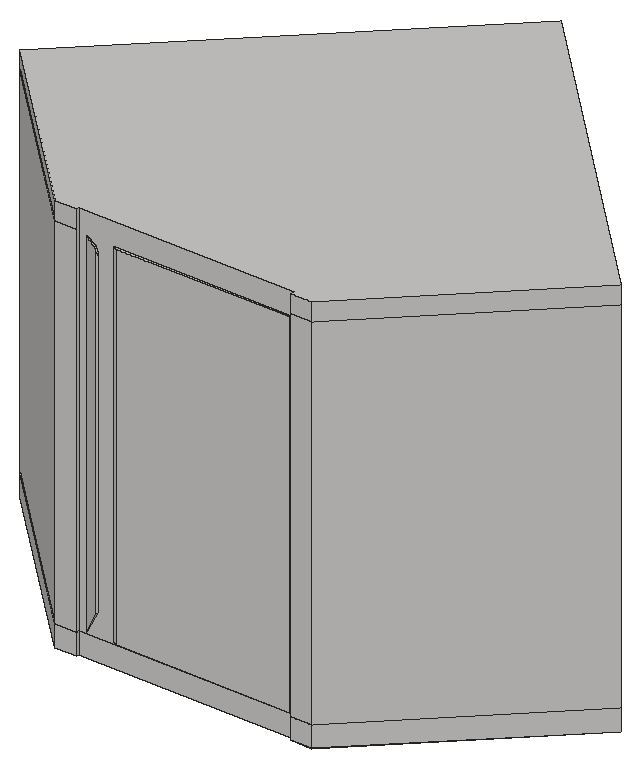
Revit family "QF_ELECTROLUXPROFESSIONAL_121882_TAA1P7", category Attrezzature speciali, Revit 2020
Family settings
  Quota connettore circolare = Usa diametro
  Tipo di parte = Normale
  Basato su piano di lavoro = No
  Sempre verticale = Sì
  Taglio con vuoti quando caricato = No
  Condiviso = No
  Punto di calcolo locali = No
Parameters (values of type "Standard")
  Weight = 60.00 kg
  Watts = 0 W
  Volts = 0 V
  URL Manufacturer = "https://www.electroluxprofessional.com/"
  URL = "https://www.electroluxprofessional.com/"
  Steam Supply Size = 0 mm
  Steam Supply Minimum Pressure = 0.0 Pa
  Steam Supply Maximum Pressure = 0.0 Pa
  Steam Consumption per Hour = 0
  Refrigeration Suction Line Size = 0.0 mm
  Refrigeration Liquid Line Size = 0.0 mm
  Refrigerant Compressor Remote = yes
  Prospetto di default = 0.0 mm
  Phase = 0
  Modello = "TAA1P7"
  Produttore = "Electrolux Professional"
  Length Actual = 700.0 mm  # constant formula
  Item Number = "121882"
  Hot Water Size = 0 mm
  Height Actual = 660.0 mm  # constant formula
  HP = "0 HP"
  Gas Size = 0 mm
  Gas KW = 0
  Gas Input Pressure = 0 W
  Direct Waste Size = 0 mm
  Descrizione = "WALL CUPBOARD WITH 1 DOOR CORNER TYPE"
  Depth Actual = 700.0 mm  # constant formula
  Cycle = 0 Hz
  Condensate Return Size = 0 mm
  Compressed Air Volume = 0.0 L/s
  Compressed Air Size = 0 mm
  Compressed Air Pressure = 0.0 Pa
  Cold Water Size = 0 mm
  Accessory = yes
Reference planes
  plane 1: z = 0
  plane 2 "Center (Left/Right)": x = -300
  plane 3 "Base": z = 2260
  plane 4 "TOP": z = 2300
  plane 5: y = -254
  plane 6 "BASE": z = 1600
  plane 7: y = -337
  plane 8: y = 833.227
  plane 9: y = 699.384
  plane 10 "Center (Front/Back)": y = 133.191
  plane 11: x = -88.5
  plane 12: x = -511.5
  plane 13: through (-88.5, -337, 4000) normal (-0.7071, 0.7071, 0)
  plane 14: through (-582.843, 157.343, 4000) normal (-0.7071, 0.7071, 0)
  plane 15: through (-88.5, -337, 4000) normal (0.7071, 0.7071, 0)
  plane 16: through (194.975, -53.525, 4000) normal (-0.7071, -0.7071, 0)
  plane 17: through (194.343, -54.157, 4000) normal (0.7071, 0.7071, 0)
  plane 18: through (-300.632, -549.132, 4000) normal (0.7071, 0.7071, 0)
  plane 19: through (-300, -125.5, 4000) normal (-0.7071, 0.7071, 0)
Forms (mm)
  Extrusion 1, solid, material "QF_Finishes_Stainless Steel"
    sketch origin (0, 3, 1600) x (-1, 0, 0) y (0, -1, 0)
      loop
        line (794.975, 57.789) -> (512.764, 340) -> (476.655, 340) -> (476.655, 305.034) -> (505.303, 305.034) -> (752.548, 57.789) -> (300, -394.759) -> (-151.916, 57.157) -> (95.961, 305.034) -> (122.668, 305.034) -> (122.668, 340) -> (88.5, 340) -> (-194.343, 57.157) -> (300, -437.185) -> (794.975, 57.789)
    from 0 to 630
  Extrusion 2, solid, material "QF_Finishes_Stainless Steel"
    sketch origin (0, 0, 0) x (1, 0, 0) y (0, 1, 0)
      loop
        line (151.916, -54.157) -> (-300, 397.759) -> (-752.548, -54.789) -> (-505.338, -302) -> (-95.926, -302) -> (151.916, -54.157)
    from 1890 to 1920
  Extrusion 3, solid, material "QF_Finishes_Stainless Steel"
    sketch origin (0, 3, 0) x (1, 0, 0) y (0, 1, 0)
      loop
        line (-794.975, -57.789) -> (-512.764, -340) -> (-476.655, -340) -> (-476.655, -335.034) -> (-122.668, -335.034) -> (-122.668, -340) -> (-88.5, -340) -> (194.343, -57.157) -> (-300, 437.185) -> (-794.975, -57.789)
    from 1600 to 2260
  Extrusion 4, solid, material "QF_Finishes_Stainless Steel"
    sketch origin (0, 3, 0) x (1, 0, 0) y (0, 1, 0)
      loop
        line (-794.975, -57.789) -> (-512.764, -340) -> (-476.655, -340) -> (-476.655, -335.034) -> (-122.668, -335.034) -> (-122.668, -340) -> (-88.5, -340) -> (194.343, -57.157) -> (-300, 437.185) -> (-794.975, -57.789)
    from 1600 to 1635
  Extrusion 5, solid, material "QF_Finishes_Stainless Steel"
    sketch origin (0, 0, 1600) x (-1, 0, 0) y (0, -1, 0)
      loop
        line (300, -440.185) -> (300.707, -439.478) -> (300, -438.771) -> (299.293, -439.478) -> (300, -440.185)
    from 0 to 1
Lines and regions (mm)
  symbolic lines, style "SpecialityEquipment"
    curve 1: line (191.975, -56.525, 1600) -> (-88.5, -337, 1600)
    curve 2: line (-88.5, -337, 1600) -> (-123.345, -337, 1600)
    curve 3: line (-794.975, -54.789, 1600) -> (-512.764, -337, 1600)
    curve 4: line (-300, 440.185, 1600) -> (-794.975, -54.789, 1600)
    curve 5: line (194.343, -54.157, 1600) -> (-300, 440.185, 1600)
    curve 6: line (-123.345, -337, 1600) -> (-123.345, -332.034, 1600)
    curve 7: line (-123.345, -332.034, 1600) -> (-476.655, -332.034, 1600)
    curve 8: line (-476.655, -332.034, 1600) -> (-476.655, -337, 1600)
    curve 9: line (-511.5, -337, 1600) -> (-476.655, -337, 1600)
Dimensions and locks
  plane 6 "BASE" to level = 1600.0 mm
  plane 4 "TOP" to level = 2300.0 mm
  plane 12 to plane 11 = 423.0 mm
  equal spacing: plane 12, plane 2 "Center (Left/Right)", plane 11
  locked: plane 3 "Base" to plane 6 "BASE" at 660
  plane 17 to plane 15 = 400.0 mm
  plane 17 to plane 18 = 700.0 mm
  plane 14 to plane 19 = 400.0 mm
  aligned and locked: level to plane 1
  aligned and locked: plane 3 "Base" to Extrusion 3
Automatic sketch dimensions
  Extrusion 2 sketch curve to plane 2 "Center (Left/Right)" = 0.0 mm
  plane 12 to Extrusion 2 sketch curve = 6.162 mm
  Extrusion 2 sketch curve to plane 11 = 7.426 mm
  plane 7 to Extrusion 2 sketch curve = 35.0 mm
  Extrusion 2 sketch curve to plane 10 "Center (Front/Back)" = 187.98 mm
  Extrusion 2 sketch curve to Extrusion 2 sketch curve = 247.211 mm
  Extrusion 1 sketch curve to plane 13 = 0.0 mm
  Extrusion 1 sketch curve to plane 17 = 0.0 mm
  plane 13 to Extrusion 1 sketch curve = 30.0 mm
  Extrusion 1 sketch curve to plane 2 "Center (Left/Right)" = 0.0 mm  (x2)
  Extrusion 1 sketch curve to plane 7 = 0.0 mm  (x2)
  Extrusion 1 sketch curve to plane 18 = 0.0 mm
  Extrusion 1 sketch curve to plane 11 = 7.461 mm
  plane 12 to Extrusion 1 sketch curve = 6.197 mm
  plane 7 to Extrusion 1 sketch curve = 34.966 mm  (x2)
  Extrusion 1 sketch curve to Extrusion 1 sketch curve = 26.708 mm
  plane 12 to Extrusion 1 sketch curve = 34.845 mm
  Extrusion 1 sketch curve to plane 11 = 0.0 mm
  Extrusion 1 sketch curve to Extrusion 1 sketch curve = 42.426 mm
  Extrusion 4 sketch curve to plane 14 = 0.0 mm
  Extrusion 4 sketch curve to plane 18 = 0.0 mm  (x2)
  Extrusion 4 sketch curve to plane 7 = 0.0 mm  (x2)
  Extrusion 4 sketch curve to plane 2 "Center (Left/Right)" = 0.0 mm
  Extrusion 4 sketch curve to plane 13 = 0.0 mm
  plane 12 to Extrusion 4 sketch curve = 34.845 mm
  Extrusion 4 sketch curve to Extrusion 4 sketch curve = 4.966 mm
  Extrusion 4 sketch curve to plane 11 = 34.168 mm
  Extrusion 3 sketch curve to plane 14 = 0.0 mm
  Extrusion 3 sketch curve to plane 18 = 0.0 mm  (x2)
  Extrusion 3 sketch curve to plane 7 = 0.0 mm  (x2)
  Extrusion 3 sketch curve to plane 2 "Center (Left/Right)" = 0.0 mm
  Extrusion 3 sketch curve to plane 11 = 0.0 mm
  plane 7 to Extrusion 3 sketch curve = 4.966 mm
  plane 12 to Extrusion 3 sketch curve = 34.845 mm
  Extrusion 3 sketch curve to plane 11 = 34.168 mm
  curve 5 to plane 13 = 0.0 mm
  curve 5 to plane 17 = 0.0 mm
  curve 1 to plane 13 = 0.0 mm
  curve 1 to plane 7 = 0.0 mm
  curve 1 to plane 11 = 0.0 mm
  curve 4 to plane 2 "Center (Left/Right)" = 0.0 mm
  curve 8 to plane 7 = 0.0 mm
  curve 9 to plane 12 = 0.0 mm
  curve 3 to plane 7 = 0.0 mm
  curve 3 to plane 18 = 0.0 mm
  curve 3 to plane 14 = 0.0 mm
  plane 7 to curve 6 = 4.966 mm
  curve 6 to plane 11 = 34.845 mm
  plane 12 to curve 8 = 34.845 mm
  curve 1 to plane 10 "Center (Front/Back)" = 189.716 mm
  Extrusion 5 sketch curve to plane 17 = 0.0 mm
  Extrusion 5 sketch curve to plane 14 = 0.0 mm  (x2)
  plane 2 "Center (Left/Right)" to Extrusion 5 sketch curve = 0.707 mm
  Extrusion 5 sketch curve to Extrusion 5 sketch curve = 0.707 mm
Nested families
  nested 1: "H660_400ang_1SLIDEDOOR" at (-289.207, -302, 1932) x (1, 0, 0) z (0, -1, 0), type "H660_400ang_1SLIDEDOOR"
    with Width 423.0 mm, Show Clearance yes
Definition of nested family "H660_400ang_1SLIDEDOOR"
  Parameters
    Width [instance] = 423.0 mm
    Show Clearance [instance] = yes
    Model = "727995"
    Height = 660.0 mm
    Default Elevation = 0.0 mm
  Reference planes
    plane 1 "Center (Front/Back)": y = 0
    plane 2: z = 0
    plane 3 "Center (Left/Right)": x = -11.958
    plane 4 "panel": z = 25
    plane 5 "High": y = 330
    plane 6 "Low": y = -330
    plane 7 "Left": x = -223.458
    plane 8: x = -185.458
    plane 9 "Right": x = 199.542
    plane 10: x = 164.542
    plane 11: x = -188.458
    plane 12: x = 161.542
    plane 13: y = 292
    plane 14: y = -292
    plane 15: z = 40.034
  Forms (mm)
    Extrusion 1, solid
      sketch origin (0, -919.2, 0) x (1, 0, 0) y (0, 1, 0)
        loop
          line (-980.5, 2119.2) -> (-980.5, -162.846) -> (881.94, -162.846) -> (881.94, 2119.2) -> (-980.5, 2119.2)
      from 0 to -59.546
    Extrusion 2, solid
      sketch origin (552.042, 0, 0) x (-1, 0, 0) y (0, 0, -1)
        loop
          line (388.17, -35) -> (672.5, -35) -> (707.5, -20) -> (737.5, -20) -> (737.5, 0) -> (388.17, 0) -> (388.17, -35)
      from 292 to -292
    Extrusion 3, solid
      sketch origin (0, 0, 0) x (1, 0, 0) y (0, 0, 1)
        loop
          line (-143.458, 49) -> (-171.458, 34) -> (-185.458, 20) -> (-182.63, 20) -> (-170.253, 32.377) -> (-142.514, 47.237) -> (-143.458, 49)
      from -292 to 292
    Extrusion 4, void
      sketch origin (0, 0, 0) x (1, 0, 0) y (0, 1, 0)
        loop
          line (-137.958, -292) -> (-137.958, -240.25) -> (-172.458, -292) -> (-137.958, -292)
        loop
          line (-142.514, 292) -> (-152.514, 292)
          arc (-152.514, 292) -> (-145.443, 289.071) -> (-142.514, 282) r 10
          line (-142.514, 282) -> (-142.514, 292)
      from 28.426 to 53.364
    Extrusion 5, solid, detail levels coarse
      sketch origin (0, 0, 0) x (1, 0, 0) y (0, 0, 1)
        loop
          line (161.542, 40.034) -> (161.542, 387.034)
          arc (161.542, 387.034) -> (-83.824, 285.4) -> (-185.458, 40.034) r 347
          line (-185.458, 40.034) -> (161.542, 40.034)
      from -292 to 292
  Cuts and joins
    Extrusion 4 cuts Extrusion 3
  Lines and regions (mm)
    symbolic lines
      curve 1: line (-142.45, 0, 47.271) -> (-143.395, 0, 49.034)
      curve 2: line (-143.395, 0, 49.034) -> (-171.458, 0, 34)
      curve 3: line (-170.253, 0, 32.377) -> (-142.45, 0, 47.271)
      curve 4: arc (161.542, 0, 387.034) -> (-83.824, 0, 285.4) -> (-185.458, 0, 40.034) r 347
      curve 5: line (161.542, 0, 40.034) -> (161.542, 0, 387.034)
      curve 6: line (-170.253, 0, 32.377) -> (-172.596, 0, 30.034)
      curve 7: line (-171.458, 0, 34) -> (-175.424, 0, 30.034)
  Dimensions and locks
    plane 4 "panel" to level = 25.0 mm
    "Width": plane 7 "Left" to plane 9 "Right"
    equal spacing: plane 7 "Left", plane 3 "Center (Left/Right)", plane 9 "Right"
    plane 7 "Left" to plane 11 = 35.0 mm
    locked: plane 11 to plane 8 at 3
    locked: plane 12 to plane 10 at 3
    equal spacing: plane 6 "Low", plane 1 "Center (Front/Back)", plane 5 "High"
    "Height": plane 6 "Low" to plane 5 "High"
    locked: plane 6 "Low" to plane 14 at 38
    locked: plane 13 to plane 5 "High" at 38
    locked: plane 10 to plane 9 "Right" at 35
    plane 15 to Extrusion 1 = 40.034 mm
    aligned and locked: plane 2 to Extrusion 1
    aligned and locked: level to Extrusion 1
  Automatic sketch dimensions
    Extrusion 1 sketch curve to Extrusion 1 sketch curve = 1862.44 mm
    Extrusion 1 sketch curve to Extrusion 1 sketch curve = 2282.046 mm
    plane 8 to Extrusion 3 sketch curve = 0.0 mm
    plane 4 "panel" to Extrusion 3 sketch curve = 9.0 mm
    Extrusion 3 sketch curve to plane 8 = 14.0 mm
    plane 4 "panel" to Extrusion 3 sketch curve = 7.377 mm
    Extrusion 3 sketch curve to plane 4 "panel" = 5.0 mm
    Extrusion 3 sketch curve to plane 8 = 2.828 mm
    Extrusion 2 sketch curve to level = 0.0 mm
    plane 8 to Extrusion 2 sketch curve = 0.0 mm
    Extrusion 2 sketch curve to Extrusion 2 sketch curve = 35.0 mm
    Extrusion 2 sketch curve to plane 10 = 0.67 mm
    plane 4 "panel" to Extrusion 2 sketch curve = 10.0 mm
    Extrusion 2 sketch curve to plane 8 = 65.0 mm
    Extrusion 2 sketch curve to plane 4 "panel" = 5.0 mm
    Extrusion 3 sketch curve to Extrusion 3 sketch curve = 1.205 mm
    Extrusion 3 sketch curve to Extrusion 3 sketch curve = 28.0 mm
    Extrusion 4 sketch curve to plane 14 = 0.0 mm
    Extrusion 4 sketch curve to plane 8 = 13.0 mm
    Extrusion 4 sketch curve to plane 13 = 10.0 mm
    Extrusion 4 sketch curve to plane 8 = 32.944 mm
    plane 13 to Extrusion 4 sketch curve = 0.0 mm
    Extrusion 4 sketch curve to Extrusion 4 sketch curve = 34.5 mm
    plane 14 to Extrusion 4 sketch curve = 51.75 mm
    plane 4 "panel" to Extrusion 3 sketch curve = 22.237 mm
    plane 8 to Extrusion 5 sketch curve = 0.0 mm
    Extrusion 5 sketch curve to plane 12 = 0.0 mm
    Extrusion 5 sketch curve to plane 15 = 0.0 mm
    plane 8 to curve 4 = 0.0 mm
    curve 4 to plane 12 = 0.0 mm
    curve 5 to plane 15 = 0.0 mm
    curve 4 to plane 15 = 0.0 mm
    plane 4 "panel" to curve 3 = 7.377 mm
    curve 3 to plane 8 = 15.205 mm
    plane 15 to curve 1 = 9.0 mm
    curve 3 to curve 1 = 26.858 mm
    plane 15 to curve 3 = 7.237 mm
    curve 7 to curve 3 = 5.171 mm
    curve 7 to curve 6 = 2.828 mm
    curve 7 to plane 15 = 6.034 mm
    curve 6 to curve 3 = 2.343 mm
    curve 7 to curve 6 = 0.0 mm
